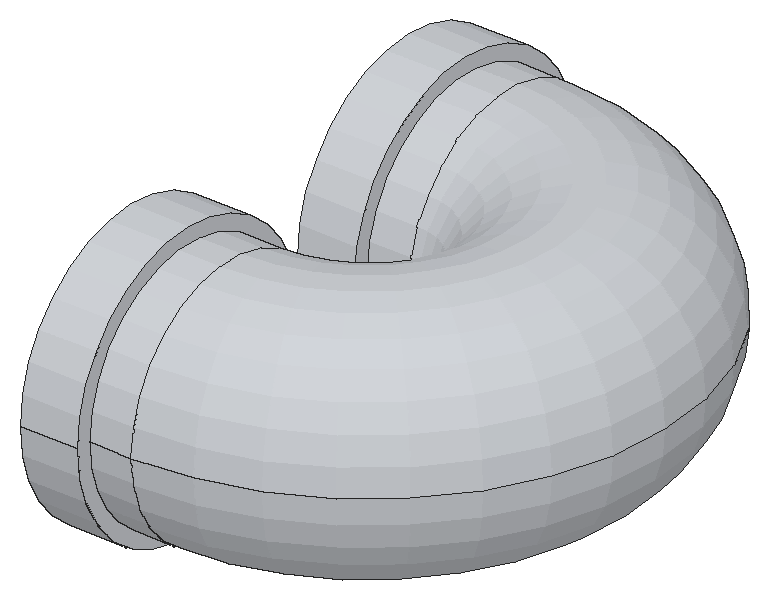
Revit family "M_Padrão aberto da curva do retorno - Rosqueada - MI - Classe 150", category Conexões de tubo, Revit 2019
Family settings
  Cota do conector redondo = Usar raio
  Tipo de parte = Múltiplas portas
  Número OmniClass = 23.60.30.11.14
  Título OmniClass = Pipework Fittings
  ID de item do Seek = Return Bend Open-Pattern - Threaded - MI - Class 150-0000-CAN-ENU
  Com base no plano de trabalho = Não
  Sempre na vertical = Sim
  Corte com vazios quando carregada = Não
  Compartilhado = Não
Parameters (values of type "Padrão")
  Tamanho da marca de revisão [instance] = Diâmetro externo da conexão * 0.4  # 10.88 mm
  Comprimento da rosca [instance] = size_lookup(Nome da tabela de pesquisa, "TLgt", 0.19 * Diâmetro nominal + 9.624 mm, Diâmetro nominal)  # 10.9 mm
  Raio nominal [instance] = 7.5 mm
  Diâmetro nominal [instance] = Raio nominal * 2  # 15 mm
  Espessura do Metal [instance] = size_lookup(Nome da tabela de pesquisa, "MThk", 0.06 * Diâmetro nominal + 2.282 mm, Diâmetro nominal)  # 2.95 mm
  Método de perda = Não definido
  Nome da tabela de pesquisa = "M_Return Bend Open-Pattern - Threaded - MI - Class 150"
  Comprimento 1 [instance] = Diâmetro interno da conexão + 2 * Espessura do Metal + 0.794 mm  # 27.994 mm
  Meio centro ao centro [instance] = 0.5 * Centro ao centro  # 19.05 mm
  Raio externo da conexão [instance] = Diâmetro externo da conexão / 2  # 13.6 mm
  Diâmetro externo da conexão [instance] = Diâmetro interno da conexão + Espessura do Metal * 2  # 27.2 mm
  Diâmetro interno da conexão [instance] = size_lookup(Nome da tabela de pesquisa, "FID", 1.06 * Diâmetro nominal + 6.052 mm, Diâmetro nominal)  # 21.3 mm
  Centro ao centro [instance] = if(Centro ao centro 1 > Diâmetro interno da conexão + 2 * Espessura do Metal, Centro ao centro 1, Comprimento 1)  # 38.1 mm
  Centro ao centro 1 [instance] = size_lookup(Nome da tabela de pesquisa, "CtC", 1.26 * Diâmetro nominal + 30.361 mm, Diâmetro nominal)  # 38.1 mm
  Largura da fita [instance] = size_lookup(Nome da tabela de pesquisa, "BWid", 0.12 * Diâmetro nominal + 4.564 mm, Diâmetro nominal)  # 6.3 mm
  Raio externo da fita [instance] = Diâmetro externo da fita / 2  # 15.2 mm
  Diâmetro externo da fita [instance] = size_lookup(Nome da tabela de pesquisa, "BOD", 1.22 * Diâmetro nominal + 13.295 mm, Diâmetro nominal)  # 30.4 mm
Reference planes
  plane 1 "Centro (Frente/Trás)": y = 0
  plane 2: z = 0
  plane 3 "Centro (Esquerda/Direita)": x = 0
  plane 4: y = -38.1
  plane 5: x = 6.3
  plane 6: x = 10.9
  plane 7: y = -19.05
Forms (mm)
  Sweep 1, solid, detail levels fine
    path origin (0, 0, 0) x (1, 0, 0) y (0, 1, 0)
      loop
        line (0, 0) -> (6.3, 0)
    profile origin (3.15, 0, 0) x (0, 1, 0) y (0, 0, 1)
      loop
        circle (0, 0) r 15.2
  Sweep 2, solid, detail levels fine
    path origin (0, 0, 0) x (1, 0, 0) y (0, 1, 0)
      loop
        line (0, -38.1) -> (6.3, -38.1)
    profile origin (3.15, -38.1, 0) x (0, 1, 0) y (0, 0, 1)
      loop
        circle (0, 0) r 15.2
  Sweep 3, solid, detail levels fine
    path origin (0, 0, 0) x (1, 0, 0) y (0, 1, 0)
      loop
        line (6.3, 0) -> (10.9, 0)
        arc (10.9, 0) -> (29.95, -19.05) -> (10.9, -38.1) r 19.05
        line (10.9, -38.1) -> (6.3, -38.1)
    profile origin (29.95, -19.05, 0) x (1, 0, 0) y (0, 0, 1)
      loop
        circle (0, 0) r 13.6
Cuts and joins
  joined: Sweep 1, Sweep 2, Sweep 3
Lines and regions (mm)
  model lines, detail levels coarse+medium
    curve 1: line (0, -38.1, 0) -> (10.9, -38.1, 0)
    curve 2: line (0, 0, 0) -> (10.9, 0, 0)
    curve 3: arc (10.9, 0, 0) -> (29.95, -19.05, 0) -> (10.9, -38.1, 0) r 19.05
    curve 4: line (0, 10.88, 0) -> (0, -10.88, 0)
    curve 5: line (0, -27.22, 0) -> (0, -48.98, 0)
Dimensions and locks
  "Centro ao centro": plane 4 to plane 1 "Centro (Frente/Trás)"
  "Largura da fita": plane 3 "Centro (Esquerda/Direita)" to plane 5
  "Comprimento da rosca": plane 3 "Centro (Esquerda/Direita)" to plane 6
  equal spacing: plane 4, plane 7, plane 1 "Centro (Frente/Trás)"
  "Tamanho da marca de revisão": curve 4 to curve 2  (x2)
  "Tamanho da marca de revisão": curve 5 to curve 1
  "Tamanho da marca de revisão": curve 1 to curve 5
  "Raio externo da fita": radius of Sweep 1 sketch curve
  "Raio externo da fita": radius of Sweep 2 sketch curve
  "Meio centro ao centro": radius of Sweep 3 sketch curve
  "Raio externo da conexão": radius of Sweep 3 sketch curve
  "Meio centro ao centro": radius of curve 3
  aligned and locked: plane 3 "Centro (Esquerda/Direita)" to Sweep 1 sketch curve
  aligned and locked: plane 5 to Sweep 1 sketch curve
  aligned and locked: plane 1 "Centro (Frente/Trás)" to Sweep 1 sketch curve  (x2)
  aligned and locked: plane 2 to Sweep 1 sketch curve
  aligned and locked: plane 3 "Centro (Esquerda/Direita)" to Sweep 2 sketch curve
  aligned and locked: Sweep 2 sketch curve to plane 4
  aligned and locked: plane 2 to Sweep 2 sketch curve
  aligned and locked: plane 4 to Sweep 2 sketch curve
  aligned and locked: plane 7 to Sweep 3 sketch curve
  aligned and locked: plane 6 to Sweep 3 sketch curve
  aligned and locked: Sweep 1 to Sweep 3 sketch curve
  aligned and locked: plane 1 "Centro (Frente/Trás)" to Sweep 3 sketch curve
  aligned and locked: Sweep 2 to Sweep 3 sketch curve
  aligned and locked: Sweep 3 sketch curve to plane 4
  aligned and locked: plane 7 to curve 3
  aligned and locked: plane 6 to curve 3
  aligned and locked: plane 1 "Centro (Frente/Trás)" to curve 2
  aligned and locked: curve 1 to plane 4
  aligned and locked: curve 4 to plane 3 "Centro (Esquerda/Direita)"
  aligned and locked: curve 5 to plane 3 "Centro (Esquerda/Direita)"
  aligned and locked: plane 6 to curve 2
  aligned and locked: plane 6 to curve 1
Automatic sketch dimensions
  Sweep 2 sketch curve to plane 5 = 0 mm
  Sweep 3 sketch curve to level = 0 mm
  profile plane to Sweep 3 sketch curve = 0 mm
Connectors
  piping at (0, 0, 0), diameter 15, driven by "Raio nominal"
    settings: on Sweep 1, index 1, connector inside diameter 15 mm, connector length 0 mm, flow factor 0, pipe flow 0.0 L/s, pressure drop 0.0 Pa, fitting loss kfactor 0, connector angle 0.00°, fixture units 0, engagement length 0 mm, angle of deflection 0.00°, flow configuration 0, flow direction 0, fitting loss method 0, system type 28, joint type 0, gender type 0, connector reference index 2, connector utility 0, adjustable connector no, is connector primary yes, connector description ""
  piping at (0, -38.1, 0), diameter 15, driven by "Raio nominal"
    settings: on Sweep 2, index 2, connector inside diameter 15 mm, connector length 0 mm, flow factor 0, pipe flow 0.0 L/s, pressure drop 0.0 Pa, fitting loss kfactor 0, connector angle 0.00°, fixture units 0, engagement length 0 mm, angle of deflection 0.00°, flow configuration 0, flow direction 0, fitting loss method 0, system type 28, joint type 0, gender type 0, connector reference index 1, connector utility 0, adjustable connector no, is connector primary no, connector description ""
